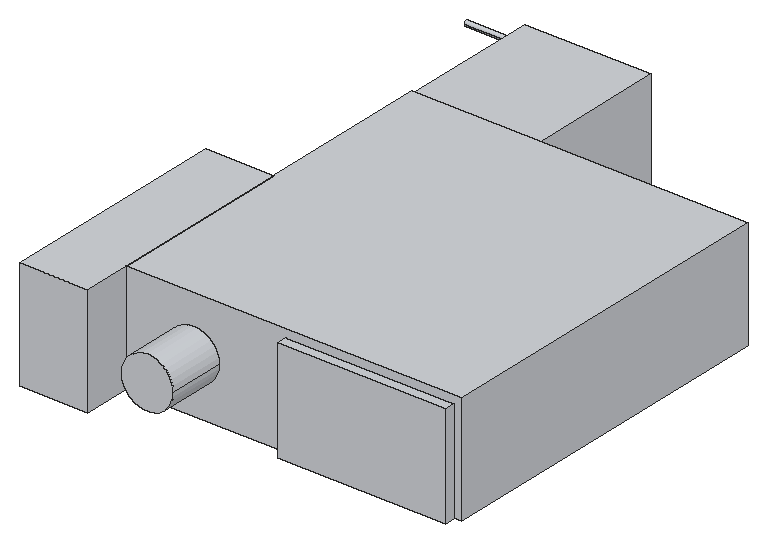
Revit family "QPLW_2-Row", category Mechanical Equipment, Revit 2016
Family settings
  Part Type = Normal
  Round Connector Dimension = Use Radius
  Work Plane-Based = No
  Always vertical = Yes
  Cut with Voids When Loaded = No
  Shared = No
  Room Calculation Point = No
Parameters (values of type "QPLW - 5" Inlet (2 Row HWC)")
  HWC Depth 2-Row "Z" = 13 1/2"
  HWC Conn Top = [Discharge Height "Y"] - 15/16"  # 9 1/16"
  HWC Conn Dia = 1/2"
  HWC Conn "E" = 7/16"
  HWC Conn "D" = 7/16"
  HWC Conn "C" = 1 251/256"
  HWC Conn "B" = 3 1/16"
  HWC Conn Radius = HWC Conn Dia / 2  # 1/4"
  Discharge Height "Y" = 10"
  Discharge Width "X" = 12"
  Width = 32"
  URL = "http://www.anemostat.com"
  Radius = Diameter / 2  # 2 7/16"
  Model = "QPLW"
  Manufacturer = "Anemostat"
  Length = 34"
  Induction Width "C" = 16"
  Height = 10 1/2"
  Duct Inlet Radius = Radius + 1/32"  # 2 15/32"
  Diameter = 4 7/8"
  Description = "Lo-Profile Series Fan Powered Air Terminal with Hot Water Coil"
Types (5): name | Radius | Duct Inlet Radius | Diameter
  (no name) | 2 7/16" | 2 15/32" | 4 7/8"
  QPLW - 5" Inlet (2 Row HWC) | 2 7/16" | 2 15/32" | 4 7/8"
  QPLW - 6" Inlet  (2 Row HWC) | 2 15/16" | 2 31/32" | 5 7/8"
  QPLW - 7" Inlet (2 Row HWC) | 3 7/16" | 3 15/32" | 6 7/8"
  QPLW - 8" Inlet (2 Row HWC) | 3 15/16" | 3 31/32" | 7 7/8"
Reference planes (in)
  plane 1 "Center (Front/Back)": y = 0
  plane 2: z = 0
  plane 3 "Center (Left/Right)": x = 0
  plane 4 "Right Face": x = 16
  plane 5 "Left Face": x = -16
  plane 6 "Back of Box": y = 34
  plane 7 "Horiz. Centerline": z = 5.25
  plane 8 "Top of Box": z = 10.5
  plane 9 "Induction Right Edge": x = 15.25
  plane 10 "Inlet Left Edge": x = -12
  plane 11: y = -5.5
  plane 12: x = -0.75
  plane 13: x = -9.5625
  plane 14: z = 14.0625
  plane 15: y = 44.4375
  plane 16: y = 47.5
  plane 17: y = 45.51953
  plane 18: y = -4.5
  plane 19: y = 17.656
  plane 20: z = 9.847
  plane 21: z = 0.653
  plane 22: z = 0.25
  plane 23: z = 10.25
Forms (in)
  Extrusion 1, solid
    sketch origin (0, 0, 0) x (1, 0, 0) y (0, 0, 1)
      loop
        line (-16, 10.5) -> (-16, 0) -> (16, 0) -> (16, 10.5) -> (-16, 10.5)
    from 0 to -34
  Extrusion 2, solid
    sketch origin (0, 0, 0) x (1, 0, 0) y (0, 0, 1)
      loop
        line (15.25, -0.0345) -> (15.25, 9.75) -> (-0.75, 9.75) -> (-0.75, -0.0345) -> (15.25, -0.0345)
    from 0 to 1
  Extrusion 3, solid
    sketch origin (0, 0, 0) x (1, 0, 0) y (0, 0, 1)
      loop
        circle (-9.5625, 5.25) r 2.4375
    from 0 to 5.5
  Extrusion 4, solid
    sketch origin (-16, 0, -3.5) x (0, -1, 0) y (0, 0, 1)
      loop
        line (4.5, 3.5) -> (4.5, 14) -> (-17.656, 14) -> (-17.656, 3.5) -> (4.5, 3.5)
    from 0 to 6.5
  Extrusion 5, solid
    sketch origin (-16, 0, 0) x (0, -1, 0) y (0, 0, 1)
      loop
        circle (-45.51953, 9.847) r 0.25
    from 0 to 4
  Extrusion 6, solid
    sketch origin (0, 34, -0.25) x (-1, 0, 0) y (0, 0, 1)
      loop
        line (16, 10.5) -> (4, 10.5) -> (4, 0.5) -> (16, 0.5) -> (16, 10.5)
    from 0 to 13.5 <- "HWC Depth 2-Row "Z""
  Extrusion 7, solid
    sketch origin (-16, 0, 0) x (0, -1, 0) y (0, 0, 1)
      loop
        circle (-44.4375, 0.653) r 0.25
    from 0 to 4
Dimensions and locks (in)
  "Width": plane 5 "Left Face" to plane 4 "Right Face"
  "Height": plane 8 "Top of Box" to level
  equal spacing: plane 8 "Top of Box", plane 7 "Horiz. Centerline", level
  equal spacing: plane 5 "Left Face", plane 3 "Center (Left/Right)", plane 4 "Right Face"
  locked: plane 5 "Left Face" to plane 10 "Inlet Left Edge" at 4
  "Length": plane 1 "Center (Front/Back)" to plane 6 "Back of Box"
  "Induction Width "C"": plane 9 "Induction Right Edge" to plane 12
  "Radius": plane 13 to plane 10 "Inlet Left Edge"
  "HWC Depth 2-Row "Z"": plane 16 to plane 6 "Back of Box"
  "HWC Conn "B"": plane 16 to plane 15
  "HWC Conn "C"": plane 16 to plane 17
  locked: plane 1 "Center (Front/Back)" to plane 18 at 4.5
  locked: plane 19 to plane 18 at 22.156
  "Discharge Width "X"": Extrusion 6 sketch curve to Extrusion 6 sketch curve
  "Discharge Height "Y"": Extrusion 6 sketch curve to Extrusion 6 sketch curve
  level to plane 21 = 0.653"
  locked: Extrusion 6 to level at 0.25
  "Radius": radius of Extrusion 3 sketch curve
  "HWC Conn Radius": radius of Extrusion 5 sketch curve
  "HWC Conn Radius": radius of Extrusion 7 sketch curve
  aligned and locked: plane 6 "Back of Box" to Extrusion 1
  aligned and locked: plane 18 to Extrusion 4 sketch curve
  aligned and locked: plane 19 to Extrusion 4 sketch curve
Automatic sketch dimensions
  Extrusion 1 sketch curve to level = 0"
  plane 5 "Left Face" to Extrusion 1 sketch curve = 0"
  Extrusion 1 sketch curve to plane 4 "Right Face" = 0"
  plane 8 "Top of Box" to Extrusion 1 sketch curve = 0"
  Extrusion 2 sketch curve to plane 12 = 0"
  Extrusion 2 sketch curve to plane 9 "Induction Right Edge" = 0"
  Extrusion 3 sketch curve to plane 7 "Horiz. Centerline" = 0"
  Extrusion 3 sketch curve to plane 13 = 0"
  Extrusion 5 sketch curve to plane 17 = 0"
  Extrusion 5 sketch curve to plane 20 = 0"
  plane 5 "Left Face" to Extrusion 6 sketch curve = 0"
  Extrusion 6 sketch curve to plane 8 "Top of Box" = 1/4"
  Extrusion 7 sketch curve to plane 15 = 0"
  Extrusion 7 sketch curve to plane 21 = 0"
  Extrusion 4 sketch curve to plane 14 = 3 9/16"
  Extrusion 4 sketch curve to plane 7 "Horiz. Centerline" = 5 1/4"
  Extrusion 2 sketch curve to plane 8 "Top of Box" = 3/4"
  Extrusion 2 sketch curve to plane 21 = 11/16"
Connectors (in)
  hvac at (-9.5625, -5.5, 5.25), driven by "Duct Inlet Radius"
    settings: on Extrusion 3, index 1, duct flow 0 CFM, flow factor 0, pres drop 0.00 in-wg, loss coef 0, conn angle 0.00°, conn width 12", conn height 12", conn diameter 4 15/16", duct sys type 1, conn prof type 0, flow config 0, flow direction 0, loss method 0, conn ref index -1, conn util no, is conn primary yes, conn desc ""
